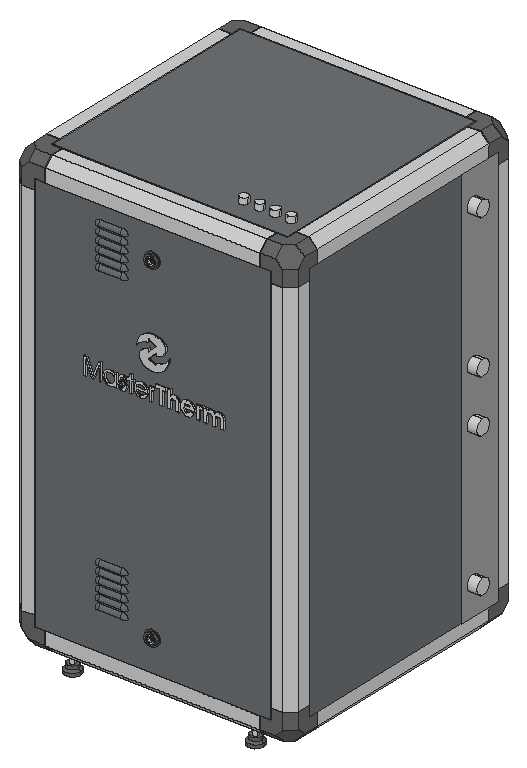
Revit family "AquaMaster-Inverter-P_ENG-RFA-2022", category Mechanické zařízení, Revit 2022 (continued)
Types (5, lengths in mm): name | URL | Model | MT_weight (kg) | MT_voltage (V) | MT_max. current, incl. aux. heater (A) | MT_clearance top | MT_clearance right | MT_clearance left | MT_vent grille_YES | MT_pipe connector_X | MT_pipe connector offset | MT_pipe connector_Y | MT_pipe connector angle | MT_pivot offset | MT_cover top_Y | MT_cover side_Y | MT_cover side_X | MT_cover front_Y | MT_center lock_YES | MT_case height | MT_case depth | MT_angle length_Z | MT_angle length_Y | MT_TYPE | MT_EO offset_X | MT_EO diameter | MT_EI offset_X | MT_EI diameter | MT_EC6 offset_Y | MT_EC6 offset_X | MT_EC5-EC6_YES | MT_EC5 offset_Y | MT_EC5 offset_X | MT_EC4 offset_Y | MT_EC4 offset_X | MT_EC3 offset_Y | MT_EC3 offset_X | MT_EC2 offset_Y | MT_EC2 offset_X | MT_EC1 offset_Y | MT_CO offset_X | MT_CI offset_X | Komentáře k typům | El. connection | EO_brine – outlet | EI_brine – inlet
  AQ45IP | "https://www.mastertherm.eu/aquamaster-4590-inverter-p-1" | "AquaMaster 45 Inverter P" | 180 | 400 V | 25 A | 1800.00 | 400.00 | 400.00 | no | 446.00 | 486.00 | 120.00 | 0.00° | 0.00 | 636.00 | 1120.00 | 636.00 | 1120.00 | no | 1200.00 | 716.00 | 1080.00 | 596.00 | 45 | 273.00 | 35.00 | 373.00 | 35.00 | 30.00 | 421.00 | yes | 60.00 | 421.00 | 90.00 | 421.00 | 30.00 | 25.00 | 60.00 | 25.00 | 90.00 | 173.00 | 73.00 | "COMPRESSOR: BLDC Inverter; 15 – 120 rps; oil – (HAF68D1U) – 2.0 l; max. op. current – 24 A; EVAPORATOR: PHE; AISI316; water flow (W/W) – 2.14 kg/s; min. flow – 1.61 kg/s; brine flow (B/W) – 1.04 kg/s; min. flow – 0.63 kg/s; temp. difference – 3 K; int. volume – 5.1 l; pump ext. head – 15 m; pump motor – 400 W; CONDENSER: PHE; AISI316; water flow – 0.7 kg/s; min. flow – 0.53 kg/s; temp. difference – 5 K; int. volume – 4.1 l; pump ext. head – 8.0 m; pump motor – 200 W; REFRIGERANT CIRCUIT: R290 (0.9 kg); AUX. HEATER (optional): není k dispozici; CONTROLS: controller – pCO5; EEV – yes; water probe – yes; mixing probe/output – yes (2x); SHW probe/output – yes; outdoor probe – yes; dynamic set point – yes; refrigerant probe – 2xPT; POWER SUPPLY: 3x400 V; 50 Hz; max. current – 25 A; DIMENSIONS: hot water, brine – 1\", 5/4\" (OD); 120x53x72 cm; 180 kg; LIMITS: max. water overpress. – 0.25 MPa; max. refr. overpress. – 3.1 MPa; brine min./max.: -5/+20 °C; water min./max.: 20/75 °C" | "2xPG16; 4xPG13.5" | "5/4'' (OD)" | "5/4'' (OD)"
  AQ17IP | "https://www.mastertherm.eu/aqua-master-inverter-p-heat-pump" | "AquaMaster 17 Inverter P" | 75 | 230 V | 16 A | 1440.00 | 600.00 | 200.00 | yes | 760.00 | 800.00 | 85.00 | 90.00° | 526.00 | 446.00 | 760.00 | 446.00 | 760.00 | yes | 840.00 | 526.00 | 720.00 | 406.00 | 17 | 60.00 | 28.00 | 330.00 | 28.00 | 500.00 | 115.00 | no | 500.00 | 115.00 | 500.00 | 115.00 | 500.00 | 85.00 | 500.00 | 55.00 | 500.00 | 700.00 | 430.00 | "COMPRESSOR: BLDC Inverter; 20 – 60 rps; oil – (RFL68EP) – 0.74 l; max. op. current – 12 A; EVAPORATOR: PHE; AISI316; water flow (W/W) – 0.22 kg/s; min. flow – 0.17 kg/s; brine flow (B/W) – 0.18 kg/s; min. flow – 0.11 kg/s; temp. difference – 3 K; int. volume – 2.0 l; pump ext. head – 6.0 m; pump motor – 70 W; CONDENSER: PHE; AISI316; water flow – 0.12 kg/s; min. flow – 0.06 kg/s; temp. difference – 5 K; int. volume – 2.0 l; pump ext. head – 5.0 m; pump motor – 70 W; REFRIGERANT CIRCUIT: R290 (0.152 kg); AUX. HEATER (optional): not available; CONTROLS: controller – pCO5; EEV – yes; water probe – yes; mixing probe/output – yes (2x); SHW probe/output – yes; outdoor probe – yes; dynamic set point – yes; refrigerant probe – 2xPT; POWER SUPPLY: 1x230 V; 50 Hz; max. current – 16 A; DIMENSIONS: hot water, brine – 1\", 1\" (OD); 84x53x53 cm; 75 kg; LIMITS: max. water overpress. – 0.25 MPa; max. refr. overpress. – 3.1 MPa; brine min./max.: -5/+20 °C; water min./max.: 20/75 °C" | "4xPG16" | "1'' (OD)" | "1'' (OD)"
  AQ22IP | "https://www.mastertherm.eu/aqua-master-inverter-p-heat-pump" | "AquaMaster 22 Inverter P" | 80 | 230 V | 20 A | 1440.00 | 600.00 | 200.00 | yes | 760.00 | 800.00 | 85.00 | 90.00° | 526.00 | 446.00 | 760.00 | 446.00 | 760.00 | yes | 840.00 | 526.00 | 720.00 | 406.00 | 22 | 60.00 | 28.00 | 330.00 | 28.00 | 500.00 | 115.00 | no | 500.00 | 115.00 | 500.00 | 115.00 | 500.00 | 85.00 | 500.00 | 55.00 | 500.00 | 700.00 | 430.00 | "COMPRESSOR: BLDC Inverter; 20 – 90 rps; oil – (RFL68EP) – 0.74 l; max. op. current – 12 A; EVAPORATOR: PHE; AISI316; water flow (W/W) – 0.46 kg/s; min. flow – 0.35 kg/s; brine flow (B/W) – 0.36 kg/s; min. flow – 0.21 kg/s; temp. difference – 3 K; int. volume – 2.0 l; pump ext. head – 4.5 m; pump motor – 70 W; CONDENSER: PHE; AISI316; water flow – 0.25 kg/s; min. flow – 0.13 kg/s; temp. difference – 5 K; int. volume – 2.0 l; pump ext. head – 7.0 m; pump motor – 70 W; REFRIGERANT CIRCUIT: R290 (0.220 kg); AUX. HEATER (optional): není k dispozici; CONTROLS: controller – pCO5; EEV – yes; water probe – yes; mixing probe/output – yes (2x); SHW probe/output – yes; outdoor probe – yes; dynamic set point – yes; refrigerant probe – 2xPT; POWER SUPPLY: 1x230 V; 50 Hz; max. current – 20 A; DIMENSIONS: hot water, brine – 1\", 1\" (OD); 84x53x53 cm; 80 kg; LIMITS: max. water overpress. – 0.25 MPa; max. refr. overpress. – 3.1 MPa; brine min./max.: -5/+20 °C; water min./max.: 20/75 °C" | "4xPG16" | "1'' (OD)" | "1'' (OD)"
  AQ30IP | "https://www.mastertherm.eu/aqua-master-inverter-p-heat-pump" | "AquaMaster 30 Inverter P" | 165 | 230 V | 25 A | 1800.00 | 400.00 | 400.00 | no | 446.00 | 486.00 | 120.00 | 0.00° | 0.00 | 636.00 | 1120.00 | 636.00 | 1120.00 | no | 1200.00 | 716.00 | 1080.00 | 596.00 | 30 | 273.00 | 28.00 | 373.00 | 28.00 | 30.00 | 421.00 | yes | 60.00 | 421.00 | 90.00 | 421.00 | 30.00 | 25.00 | 60.00 | 25.00 | 90.00 | 173.00 | 73.00 | "COMPRESSOR: BLDC Inverter; 15 – 110 rps; oil – (PZ68S) – 0.75 l; max. op. current – ; EVAPORATOR: PHE; AISI316; water flow (W/W) – 0.99 kg/s; min. flow – 0.74 kg/s; brine flow (B/W) – 0.48 kg/s; min. flow – 0.29 kg/s; temp. difference – 3 K; int. volume – 3.8 l; pump ext. head – 5.5 m; pump motor – 70 W; CONDENSER: PHE; AISI316; water flow – 0.37 kg/s; min. flow – 0.25 kg/s; temp. difference – 5 K; int. volume – 4.0 l; pump ext. head – 6.5 m; pump motor – 70 W; REFRIGERANT CIRCUIT: R290 (0.7 kg); AUX. HEATER (optional): není k dispozici; CONTROLS: controller – pCO5; EEV – yes; water probe – yes; mixing probe/output – yes (2x); SHW probe/output – yes; outdoor probe – yes; dynamic set point – yes; refrigerant probe – 2xPT; POWER SUPPLY: 1x230 V; 50 Hz; max. current – 25 A; DIMENSIONS: hot water, brine – 1\", 1\" (OD); 120x56x72 cm; 165 kg; LIMITS: max. water overpress. – 0.25 MPa; max. refr. overpress. – 2.9 MPa; brine min./max.: -5/+20 °C; water min./max.: 20/75 °C" | "2xPG16; 4xPG13.5" | "1'' (OD)" | "1'' (OD)"
  AQ37IP | "https://www.mastertherm.eu/aqua-master-inverter-p-heat-pump" | "AquaMaster 37 Inverter P" | 180 | 400 V | 20 A | 1800.00 | 400.00 | 400.00 | no | 446.00 | 486.00 | 120.00 | 0.00° | 0.00 | 636.00 | 1120.00 | 636.00 | 1120.00 | no | 1200.00 | 716.00 | 1080.00 | 596.00 | 37 | 273.00 | 28.00 | 373.00 | 28.00 | 30.00 | 421.00 | yes | 60.00 | 421.00 | 90.00 | 421.00 | 30.00 | 25.00 | 60.00 | 25.00 | 90.00 | 173.00 | 73.00 | "COMPRESSOR: BLDC Inverter; 15 – 100 rps; oil – (PZ68S) – 0.9 l; max. op. current – ; EVAPORATOR: PHE; AISI316; water flow (W/W) – 1.54 kg/s; min. flow – 1.16 kg/s; brine flow (B/W) – 0.77 kg/s; min. flow – 0.46 kg/s; temp. difference – 3 K; int. volume – 3.8 l; pump ext. head – 7.5 m; pump motor – 200 W; CONDENSER: PHE; AISI316; water flow – 0.6 kg/s; min. flow – 0.4 kg/s; temp. difference – 5 K; int. volume – 4.0 l; pump ext. head – 4.5 m; pump motor – 70 W; REFRIGERANT CIRCUIT: R290 (0.9 kg); AUX. HEATER (optional): není k dispozici; CONTROLS: controller – pCO5; EEV – yes; water probe – yes; mixing probe/output – yes (2x); SHW probe/output – yes; outdoor probe – yes; dynamic set point – yes; refrigerant probe – 2xPT; POWER SUPPLY: 3x400 V; 50 Hz; max. current – 20 A; DIMENSIONS: hot water, brine – 1\", 1\" (OD); 120x56x72 cm; 180 kg; LIMITS: max. water overpress. – 0.25 MPa; max. refr. overpress. – 2.9 MPa; brine min./max.: -5/+20 °C; water min./max.: 20/75 °C" | "2xPG16; 4xPG13.5" | "1'' (OD)" | "1'' (OD)"
